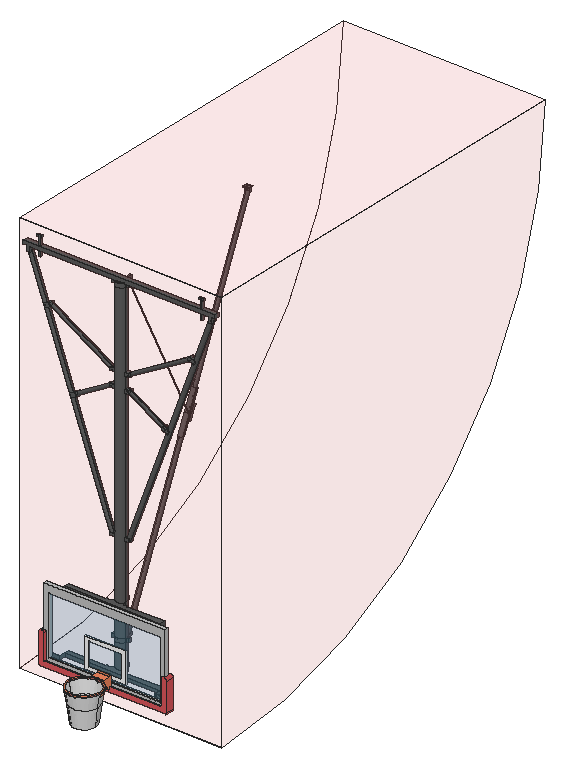
Revit family "Basketball_Backstop-Ceiling_Mount-Backward_Fold-IPIbyBison-IP1345BF-Xtra_Height", category Specialty Equipment, Revit 2026
Family settings
  Round Connector Dimension = Use Diameter
  Part Type = Normal
  Classification Number = 23.40.50.34.14
  Enable Cutting in Views = No
  Always vertical = Yes
  Cut with Voids When Loaded = No
  Maintain Annotation Orientation = No
  Shared = No
  Room Calculation Point = No
Parameters (values of type "Back Fold Rear Braced")
  Unit Weight [instance] = 0
  URL = "https://ipibybison.com/"
  Swing Clearance Visible [instance] = yes
  Specification = "https://www.arcat.com/company/ipi-by-bison-38554/spec"
  Set Frame Below Truss Level [instance] = -0' - 1"
  Rim Color [instance] = Plastic - IPI by Bison - Orange OR
  Product Page URL = "https://www.arcat.com/arcatcos/cos38/arc38554.html"
  Net Color [instance] = Finish - IPI by Bison - White Netting
  Model = "IP1345BF"
  Manufacturer = "IPI by Bison"
  Keynote = "11 66 00"
  Glass [instance] = Glass - IPI by Bison
  Frame Finish [instance] = Finish - IPI by Bison - Black
  Folding Clearance [instance] = ARCAT Clearance
  F_Length of Piping Below Brace Point [instance] = 1' - 6"
  FF to Top of Hoop [instance] = 10' - 0"
  Description = "Back Folding Basketball Frame and Backboard, Ceiling Mount"
  Default Elevation = 0' - 0"
  Copyright = "© 2023 ARCAT"  # constant formula
  CAD Details = "https://www.arcat.com/company/ipi-by-bison-38554/cad"
  Backboard Type = Backboard_BA42XLGlass : Backboard_BA42XLGlass
  Backboard Square Color [instance] = Finish - IPI by Bison - White
  Backboard Padding Color [instance] = Plastic - IPI by Bison - Scarlet SC
  Backboard Frame Color [instance] = Finish - IPI by Bison - Satin Aluminum
  Backboard Distance from Wall [instance] = 7' - 0"
  B_Distance Between Y Frame Supports [instance] = 8' - 0"  # constant formula
  Available Options = "as Specified"
  A_Distance to Brace [instance] = 7' - 10"
Reference planes (in)
  plane 1 "Center (Front/Back)": y = 0
  plane 2: z = 0
  plane 3 "Center (Left/Right)": x = 0
  plane 4: y = -84
  plane 5: z = 120
  plane 6: x = -48
  plane 7: x = 48
Forms (in)
  Revolve 1, solid, material "ARCAT Clearance" <- "Folding Clearance", visible <- "Swing Clearance Visible"
    sketch origin (-24.35865, -84, 48) x (-1, 0, 0) y (0, 0, 1)
      loop
        line (35.64135, 288) -> (-84.35865, 288) -> (-84.35865, 48) -> (35.64135, 48) -> (35.64135, 288)
      axis (35.64135, 288) -> (-84.35865, 288)
    angle from 0 to -90
Dimensions and locks (in)
  "Backboard Distance from Wall": plane 4 to plane 1 "Center (Front/Back)"
  equal spacing: plane 6, plane 3 "Center (Left/Right)", plane 7
  "B_Distance Between Y Frame Supports": plane 6 to plane 7
  "FF to Top of Hoop": plane 5 to level
  locked: Revolve 1 sketch curve to plane 6 at 12
  locked: plane 7 to Revolve 1 sketch curve at 12
  locked: plane 5 to Revolve 1 sketch curve at 24
  aligned and locked: level to plane 2
  aligned and locked: nested 2 to plane 4
  aligned and locked: plane 4 to nested 1
  aligned and locked: Revolve 1 sketch curve to level
  aligned and locked: level to Revolve 1 sketch curve
Automatic sketch dimensions
  Revolve 1 sketch curve to Revolve 1 sketch curve = 2' - 9.42519"
  plane 3 "Center (Left/Right)" to Revolve 1 sketch curve = 0' - 2.42519"
Nested families (in)
  nested 1: "Backboard_BA42XLGlass" at (0, -84, 120) x (-1, 0, 0) z (0, 0, 1), built-in parameter 1001364 <- "FF to Top of Hoop", backboard color <- "Backboard Frame Color", backboard square color <- "Backboard Square Color", frame finish <- "Frame Finish", glass <- "Glass", rim finish <- "Rim Color", net color <- "Net Color", padding color <- "Backboard Padding Color", height offset <- "FF to Top of Hoop", type "Backboard_BA42XLGlass"
    with rim finish Plastic - IPI by Bison - Orange OR, padding color Plastic - IPI by Bison - Scarlet SC, net color Finish - IPI by Bison - White Netting, height offset 10' - 0", glass Glass - IPI by Bison, frame finish Finish - IPI by Bison - Black, backboard square color Finish - IPI by Bison - White, backboard color Finish - IPI by Bison - Satin Aluminum
  nested 2: "Frame_RFRB28" at (0, -84, 335), built-in parameter 1001364 <- "Set Frame Below Truss Level", a <- "A_Distance to Brace", f <- "F_Length of Piping Below Brace Point", frame <- "Frame Finish", type "Frame_RFRB28"
    with frame Finish - IPI by Bison - Black, f 1' - 6", b 8' - 0", a 7' - 10", Hinge Location 9' - 0.08102"
Definition of nested family "Backboard_BA42XLGlass"
  Parameters (values of type "Backboard_BA42XLGlass")
    padding color [instance] = none
    net color [instance] = none
    rim finish [instance] = none
    height offset [instance] = 9' - 6"
    glass [instance] = none
    frame finish [instance] = none
    backboard square color [instance] = none
    backboard color [instance] = none
    Default Elevation = 4' - 0"
  Reference planes (in)
    plane 1 "Center (Front/Back)": y = 0
    plane 2: z = 0
    plane 3 "Center (Left/Right)": x = 0
    plane 4: z = -114
  Forms (in)
    Extrusion 1, solid, material <- "backboard color"
      sketch origin (-8.43545, 11.2937, 28.94441) x (1, 0, 0) y (0, 0, 1)
        loop
          line (-27.56455, 6.99989) -> (-27.56455, -35.00011) -> (44.43545, -35.00011) -> (44.43545, 6.99989) -> (-27.56455, 6.99989)
        loop
          line (41.81045, 2.74989) -> (-24.93955, 2.74989) -> (-24.93955, -32.37511) -> (41.81045, -32.37511) -> (41.81045, 2.74989)
      from 1.125 to -1.125
    Extrusion 2, solid, material <- "padding color"
      sketch origin (-8.43545, 11.2937, 29.06941) x (1, 0, 0) y (0, 0, 1)
        loop
          line (-27.55038, -17.62511) -> (-27.80038, -17.62511)
          arc (-27.80038, -17.62511) -> (-29.03781, -18.13767) -> (-29.55038, -19.37511) r 1.75
          line (-29.55038, -19.37511) -> (-29.55038, -36.12511)
          arc (-29.55038, -36.12511) -> (-29.25748, -36.83222) -> (-28.55038, -37.12511) r 1
          line (-28.55038, -37.12511) -> (45.44962, -37.12511)
          arc (45.44962, -37.12511) -> (46.15673, -36.83222) -> (46.44962, -36.12511) r 1
          line (46.44962, -36.12511) -> (46.44962, -19.37511)
          arc (46.44962, -19.37511) -> (45.93706, -18.13767) -> (44.69962, -17.62511) r 1.75
          line (44.69962, -17.62511) -> (44.42127, -17.62511)
          arc (44.42127, -17.62511) -> (43.71416, -17.918) -> (43.42127, -18.62511) r 1
          line (43.42127, -18.62511) -> (43.42127, -33.98376) -> (-26.55038, -33.98376) -> (-26.55038, -18.62511)
          arc (-26.55038, -18.62511) -> (-26.84327, -17.918) -> (-27.55038, -17.62511) r 1
      from -2.18697 to 2.14819
    Revolve 3, solid, material <- "net color"
      sketch origin (-8.43545, 27.4812, 28.93687) x (1, 0, 0) y (0, 0, 1)
        loop
          circle (-0.85808, -29.24642) r 0.3125
        loop
          line (-1.03195, -29.9762) -> (0.27041, -37.36226) -> (1.80132, -48.25521) -> (2.05377, -48.25521) -> (0.51737, -37.32314) -> (-0.77809, -29.9762) -> (-1.03195, -29.9762)
        axis (8.43545, -48.25521) -> (8.43545, -29.24642)
      angle from 0 to 360
    Revolve 4, solid, material <- "rim finish"
      sketch origin (0.02792, 11.2937, 0) x (0, 1, 0) y (0, 0, 1)
        loop
          line (6.79001, -0.625) -> (6.54001, -0.625) -> (6.54001, -2.125) -> (6.79001, -2.125) -> (6.79001, -0.625)
        axis (16.04001, -2.125) -> (16.04001, -0.625)
      angle from -90 to 90
    Extrusion 5, solid, material <- "rim finish"
      sketch origin (0, 0, 0) x (0, 1, 0) y (0, 0, 1)
        loop
          line (17.69724, 0) -> (12.8212, 0) -> (13.12361, 1.21287) -> (12.79369, 1.29513) -> (12.47078, 0) -> (12.47078, -6.5) -> (13.63137, -6.5) -> (17.69724, -2.43414) -> (17.69724, 0)
      from -3.50075 to 3.49925
    Extrusion 6, solid, material <- "backboard square color"
      sketch origin (0.02792, 11.2937, 0) x (1, 0, 0) y (0, 0, 1)
        loop
          line (-12.02792, 16.0023) -> (-12.02792, -1.9977) -> (11.97208, -1.9977) -> (11.97208, 16.0023) -> (-12.02792, 16.0023)
        loop
          line (-10.02792, 14.0023) -> (-10.02792, 0) -> (9.97208, 0) -> (9.97208, 14.0023) -> (-10.02792, 14.0023)
      from -0.44333 to 0.05679
    Extrusion 7, solid, material <- "glass"
      sketch origin (0.02792, 11.2937, 0) x (1, 0, 0) y (0, 0, 1)
        loop
          line (-33.40292, 31.6943) -> (-33.40292, -3.4307) -> (33.34708, -3.4307) -> (33.34708, 31.6943) -> (-33.40292, 31.6943)
      from -0.405 to 0
    Extrusion 8, solid, material <- "frame finish"
      sketch origin (0, 11.2937, 0) x (1, 0, 0) y (0, 1, 0)
        loop
          line (-28.5, -7.7495) -> (-6, -7.7495) -> (-6, -8.1245) -> (-4.12188, -8.1245) -> (-3.02199, -10.02957)
          arc (-3.02199, -10.02957) -> (-2.89931, -12.81607) -> (-0.66175, -14.4813) r 3.25
          line (-0.66175, -14.4813) -> (-0.66175, -16.28845) -> (0.60591, -16.28845) -> (0.60591, -14.4813)
          arc (0.60591, -14.4813) -> (2.82905, -12.84298) -> (2.98938, -10.08605) r 3.25
          line (2.98938, -10.08605) -> (4.12188, -8.1245) -> (6, -8.1245) -> (6, -7.7495) -> (28.5, -7.7495) -> (28.5, -1.4995) -> (33, -1.4995) -> (33, -1.125) -> (28.25, -1.125) -> (28.25, -4.7495) -> (-28.25, -4.7495) -> (-28.25, -1.125) -> (-33, -1.125) -> (-33, -1.4995) -> (-28.5, -1.4995) -> (-28.5, -7.7495)
      from -3.4307 to -1.5237
    Extrusion 9, solid, material <- "frame finish"
      sketch origin (0, 11.2937, 0) x (1, 0, 0) y (0, 1, 0)
        loop
          line (-28.5, -7.7495) -> (-6, -7.7495) -> (-6, -8.1245) -> (-4.12188, -8.1245) -> (-3.02199, -10.02957)
          arc (-3.02199, -10.02957) -> (-2.89931, -12.81607) -> (-0.66175, -14.4813) r 3.25
          line (-0.66175, -14.4813) -> (-0.66175, -16.28845) -> (0.60591, -16.28845) -> (0.60591, -14.4813)
          arc (0.60591, -14.4813) -> (2.82905, -12.84298) -> (2.98938, -10.08605) r 3.25
          line (2.98938, -10.08605) -> (4.12188, -8.1245) -> (6, -8.1245) -> (6, -7.7495) -> (28.5, -7.7495) -> (28.5, -1.4995) -> (33, -1.4995) -> (33, -1.125) -> (28.25, -1.125) -> (28.25, -4.7495) -> (-28.25, -4.7495) -> (-28.25, -1.125) -> (-33, -1.125) -> (-33, -1.4995) -> (-28.5, -1.4995) -> (-28.5, -7.7495)
      from 31.75979 to 34.1423
  Lines and regions (in)
    model lines
      curve 1: line (-0.00075, 0, 0) -> (-0.00075, 0, -114)
  Dimensions and locks (in)
    "height offset": level to plane 4
    aligned and locked: plane 2 to level
    aligned and locked: plane 4 to curve 1
  Automatic sketch dimensions
    curve 1 to level = 0' - 0"
    curve 1 to plane 3 "Center (Left/Right)" = 0' - 0.00075"
    Extrusion 1 sketch curve to plane 3 "Center (Left/Right)" = 3' - 0"
    Extrusion 1 sketch curve to Extrusion 1 sketch curve = 0' - 2 5/8"  (x2)
    plane 3 "Center (Left/Right)" to Extrusion 1 sketch curve = 2' - 9 3/8"
    Extrusion 1 sketch curve to level = 0' - 6.0557"
    Extrusion 1 sketch curve to level = 0' - 3.4307"
    level to Extrusion 1 sketch curve = 2' - 7.6943"
    Extrusion 1 sketch curve to Extrusion 1 sketch curve = 0' - 4 1/4"
    level to Extrusion 2 sketch curve = 0' - 9.6943"
    Extrusion 2 sketch curve to plane 3 "Center (Left/Right)" = 3' - 1.98582"
    Extrusion 2 sketch curve to Extrusion 2 sketch curve = 0' - 1"  (x4)
    Extrusion 2 sketch curve to Extrusion 2 sketch curve = 0' - 1 3/4"
    Extrusion 2 sketch curve to Extrusion 2 sketch curve = 0' - 0 1/4"
    level to Extrusion 2 sketch curve = 0' - 10.4443"
    plane 3 "Center (Left/Right)" to Extrusion 2 sketch curve = 2' - 10.98582"
    Extrusion 2 sketch curve to Extrusion 2 sketch curve = 0' - 0.27835"
    Extrusion 2 sketch curve to Extrusion 2 sketch curve = 0' - 2.02835"
    Extrusion 2 sketch curve to level = 0' - 4.91435"
    Extrusion 2 sketch curve to Extrusion 2 sketch curve = 0' - 2.14135"
    Revolve 3 sketch curve to plane 3 "Center (Left/Right)" = 0' - 0"
    Revolve 3 sketch curve to plane 3 "Center (Left/Right)" = 0' - 6.38167"
    Revolve 3 sketch curve to Revolve 3 sketch curve = 0' - 0.25246"
    Revolve 3 sketch curve to plane 3 "Center (Left/Right)" = 0' - 7.91808"
    Revolve 3 sketch curve to Revolve 3 sketch curve = 0' - 0.24696"
    Revolve 3 sketch curve to level = 0' - 1.03933"
    Revolve 3 sketch curve to Revolve 3 sketch curve = 0' - 1.0485"
    Revolve 3 sketch curve to level = 0' - 0.30954"
    Revolve 3 sketch curve to Revolve 3 sketch curve = 0' - 0.07999"
    Revolve 3 sketch curve to Revolve 3 sketch curve = 0' - 0.25386"
    Revolve 3 sketch curve to Revolve 3 sketch curve = 0' - 7.34694"
    Revolve 3 sketch curve to Revolve 3 sketch curve = 0' - 0.03911"
    Revolve 3 sketch curve to Revolve 3 sketch curve = 0' - 10.89295"
    Revolve 3 sketch curve to level = 0' - 0.00754"
    level to Revolve 3 sketch curve = 0' - 2.99246"
    Revolve 4 sketch curve to level = 0' - 2 1/8"
    Revolve 4 sketch curve to plane 1 "Center (Front/Back)" = 1' - 5.83371"
    Revolve 4 sketch curve to Revolve 4 sketch curve = 0' - 0 1/4"
    Revolve 4 sketch curve to level = 0' - 0 5/8"  (x2)
    Revolve 4 sketch curve to Revolve 4 sketch curve = 0' - 9 1/4"
    level to Revolve 4 sketch curve = 0' - 3 1/8"
    Extrusion 5 sketch curve to level = 0' - 0"  (x2)
    Extrusion 5 sketch curve to plane 1 "Center (Front/Back)" = 1' - 0.47078"
    level to Extrusion 5 sketch curve = 0' - 1.29513"
    Extrusion 5 sketch curve to Extrusion 5 sketch curve = 0' - 0.32291"
    Extrusion 5 sketch curve to Extrusion 5 sketch curve = 0' - 0.35043"
    Extrusion 5 sketch curve to Extrusion 5 sketch curve = 0' - 1.16059"
    Extrusion 5 sketch curve to Extrusion 5 sketch curve = 0' - 4.57363"
    Extrusion 5 sketch curve to Extrusion 5 sketch curve = 0' - 2.43414"
    Extrusion 5 sketch curve to Extrusion 5 sketch curve = 0' - 6 1/2"
    Extrusion 6 sketch curve to level = 0' - 0"
    Extrusion 6 sketch curve to level = 0' - 1.9977"
    Extrusion 6 sketch curve to plane 3 "Center (Left/Right)" = 1' - 0"
    Extrusion 6 sketch curve to Extrusion 6 sketch curve = 0' - 2"  (x3)
    plane 3 "Center (Left/Right)" to Extrusion 6 sketch curve = 0' - 10"
    Extrusion 6 sketch curve to Extrusion 6 sketch curve = 1' - 2.0023"
    Extrusion 7 sketch curve to plane 3 "Center (Left/Right)" = 2' - 9 3/8"
    Extrusion 7 sketch curve to level = 0' - 3.4307"
    plane 3 "Center (Left/Right)" to Extrusion 7 sketch curve = 2' - 9 3/8"
    level to Extrusion 7 sketch curve = 2' - 7.6943"
    Extrusion 8 sketch curve to Extrusion 8 sketch curve = 0' - 0"  (x3)
    plane 1 "Center (Front/Back)" to Extrusion 8 sketch curve = 0' - 0"
    Extrusion 8 sketch curve to plane 1 "Center (Front/Back)" = 0' - 9.7942"
    Extrusion 8 sketch curve to plane 3 "Center (Left/Right)" = 2' - 9"
    Extrusion 8 sketch curve to plane 1 "Center (Front/Back)" = 0' - 3.5442"
    Extrusion 8 sketch curve to Extrusion 8 sketch curve = 0' - 4 1/2"  (x2)
    Extrusion 8 sketch curve to Extrusion 8 sketch curve = 0' - 0 1/4"  (x2)
    Extrusion 8 sketch curve to plane 3 "Center (Left/Right)" = 0' - 6"
    Extrusion 8 sketch curve to Extrusion 8 sketch curve = 0' - 1.87812"  (x2)
    Extrusion 8 sketch curve to Extrusion 8 sketch curve = 0' - 1.09989"
    Extrusion 8 sketch curve to plane 3 "Center (Left/Right)" = 0' - 0.66175"
    Extrusion 8 sketch curve to plane 3 "Center (Left/Right)" = 0' - 0.02792"
    plane 3 "Center (Left/Right)" to Extrusion 8 sketch curve = 0' - 0.60591"
    Extrusion 8 sketch curve to plane 1 "Center (Front/Back)" = 0' - 1.20765"
    plane 3 "Center (Left/Right)" to Extrusion 8 sketch curve = 0' - 2.98938"
    Extrusion 8 sketch curve to Extrusion 8 sketch curve = 0' - 1.1325"
    Extrusion 8 sketch curve to plane 1 "Center (Front/Back)" = 0' - 10.1687"
    Extrusion 8 sketch curve to Extrusion 8 sketch curve = 1' - 10 1/4"
    Extrusion 8 sketch curve to Extrusion 8 sketch curve = 0' - 1.80715"
    Extrusion 8 sketch curve to Extrusion 8 sketch curve = 0' - 0 3/8"  (x2)
    Extrusion 8 sketch curve to plane 1 "Center (Front/Back)" = 0' - 3.1692"
    Extrusion 8 sketch curve to Extrusion 8 sketch curve = 0' - 3"
    Extrusion 8 sketch curve to Extrusion 8 sketch curve = 0' - 0.3745"  (x2)
    Extrusion 9 sketch curve to Extrusion 9 sketch curve = 0' - 0"  (x3)
    plane 1 "Center (Front/Back)" to Extrusion 9 sketch curve = 0' - 0"
    Extrusion 9 sketch curve to plane 1 "Center (Front/Back)" = 0' - 9.7942"
    Extrusion 9 sketch curve to plane 3 "Center (Left/Right)" = 2' - 9"
    Extrusion 9 sketch curve to plane 1 "Center (Front/Back)" = 0' - 3.5442"  (x2)
    Extrusion 9 sketch curve to Extrusion 9 sketch curve = 0' - 4 1/2"  (x2)
    Extrusion 9 sketch curve to Extrusion 9 sketch curve = 0' - 0 1/4"  (x2)
    Extrusion 9 sketch curve to plane 3 "Center (Left/Right)" = 0' - 6"
    Extrusion 9 sketch curve to Extrusion 9 sketch curve = 0' - 1.87812"  (x2)
    Extrusion 9 sketch curve to Extrusion 9 sketch curve = 0' - 1.09989"
    Extrusion 9 sketch curve to plane 3 "Center (Left/Right)" = 0' - 0.66175"
    Extrusion 9 sketch curve to plane 3 "Center (Left/Right)" = 0' - 0.02792"
    plane 3 "Center (Left/Right)" to Extrusion 9 sketch curve = 0' - 0.60591"
    Extrusion 9 sketch curve to plane 1 "Center (Front/Back)" = 0' - 1.20765"
    plane 3 "Center (Left/Right)" to Extrusion 9 sketch curve = 0' - 2.98938"
    Extrusion 9 sketch curve to Extrusion 9 sketch curve = 0' - 1.1325"
    Extrusion 9 sketch curve to plane 1 "Center (Front/Back)" = 0' - 10.1687"
    Extrusion 9 sketch curve to Extrusion 9 sketch curve = 1' - 10 1/4"
    Extrusion 9 sketch curve to Extrusion 9 sketch curve = 0' - 1.80715"
    Extrusion 9 sketch curve to Extrusion 9 sketch curve = 0' - 0 3/8"
    Extrusion 9 sketch curve to plane 1 "Center (Front/Back)" = 0' - 3.1692"
    Extrusion 9 sketch curve to Extrusion 9 sketch curve = 0' - 3"
    Extrusion 9 sketch curve to Extrusion 9 sketch curve = 0' - 0.3745"  (x2)
    radius of Revolve 3 sketch curve = 0' - 0 5/16"
Definition of nested family "Frame_RFRB28"
  Parameters (values of type "Frame_RFRB28")
    frame [instance] = none
    f [instance] = 1' - 6"
    b [instance] = 8' - 0"  # constant formula
    a [instance] = 7' - 10"
    Hinge Location [instance] = (sqrt((a - 0' 4 191/256") ^ 2 + (16' 4 7/8") ^ 2)) / 2  # 9' - 0.08102"
    Default Elevation = 4' - 0"
  Reference planes (in)
    plane 1 "Center (Front/Back)": y = 0
    plane 2: z = 0
    plane 3 "Center (Left/Right)": x = 0
    plane 4: z = -4.125
    plane 5: x = -48
    plane 6: x = 48
    plane 7: z = -218.99815
    plane 8: y = 94
    plane 9: z = -200.99815
    plane 10: z = -146.99815
    plane 11: y = 4.7442
    plane 12: z = -12.07366
  Forms (in)
    Extrusion 1, solid, material <- "frame"
      sketch origin (0, 0, 0) x (-1, 0, 0) y (0, 0, 1)
        loop
          line (-48.5, -3.57547) -> (-49.1801, -3.57547) -> (-49.1801, -4.57547) -> (-48.5, -4.57547) -> (-48.5, -14.94659) -> (-47.5, -14.94659) -> (-47.5, -4.50272) -> (-46.31181, -4.50272) -> (-46.31181, -3.67379) -> (-47.125, -3.67379) -> (-47.125, -3.45566) -> (-48.5, -3.45566) -> (-48.5, -3.57547)
        loop
          line (47.5, -3.57547) -> (46.8199, -3.57547) -> (46.8199, -4.57547) -> (47.5, -4.57547) -> (47.5, -14.94659) -> (48.5, -14.94659) -> (48.5, -4.50272) -> (49.68819, -4.50272) -> (49.68819, -3.67379) -> (48.875, -3.67379) -> (48.875, -3.45566) -> (47.5, -3.45566) -> (47.5, -3.57547)
      from -0.4375 to 0.4375
    Extrusion 2, solid, material <- "frame"
      sketch origin (0, 0, 0) x (-1, 0, 0) y (0, -1, 0)
        loop
          circle (0, 0) r 3
      from -218.99815 to -10.81466
    Extrusion 3, solid, material <- "frame"
      sketch origin (0, 0, 0) x (-1, 0, 0) y (0, -1, 0)
        loop
          arc (3.12672, 0.62551) -> (0, 3.19656) -> (-3.12672, 0.62551) r 3.18676
          line (-3.12672, 0.62551) -> (-5.03472, 0.62551) -> (-5.03472, -0.60749) -> (-3.12716, -0.60749)
          arc (-3.12716, -0.60749) -> (-2.22195, -2.27562) -> (-0.529, -3.1335) r 3.1875
          line (-0.529, -3.1335) -> (-0.529, -7.17993) -> (0.529, -7.17993) -> (0.529, -3.1335)
          arc (0.529, -3.1335) -> (2.22195, -2.27562) -> (3.12716, -0.60749) r 3.1875
          line (3.12716, -0.60749) -> (5.03472, -0.60749) -> (5.03472, 0.62551) -> (3.12672, 0.62551)
      from -13.07366 to -11.07366
    Sweep 4, solid, material <- "frame"
      path origin (0, 0, 0) x (0, -1, 0) y (0, 0, 1)
        loop
          line (-4.7442, -200.99815) -> (-94, -4.125)
      profile origin (0, 49.3721, -102.56158) x (0, 0.91077, -0.412913) y (-1, 0, 0)
        loop
          circle (0, 0) r 1.1875
    Extrusion 5, solid, material <- "frame"
      sketch origin (0, -23.21476, -200.99815) x (0, -1, 0) y (1, 0, 0)
        loop
          line (-22.60885, 5.03472) -> (-23.82067, 5.03472) -> (-23.82067, 3.12072)
          arc (-23.82067, 3.12072) -> (-25.10199, 2.55821) -> (-26.01762, 1.5) r 3.179
          line (-26.01762, 1.5) -> (-29.32067, 1.5) -> (-29.32067, -1.5) -> (-26.01762, -1.5)
          arc (-26.01762, -1.5) -> (-25.10199, -2.55821) -> (-23.82067, -3.12072) r 3.179
          line (-23.82067, -3.12072) -> (-23.82067, -5.03472) -> (-22.60885, -5.03472) -> (-22.60885, -3.12072)
          arc (-22.60885, -3.12072) -> (-20.03576, 0) -> (-22.60885, 3.12072) r 3.179
          line (-22.60885, 3.12072) -> (-22.60885, 5.03472)
      from 1 to -1
    Extrusion 6, solid, material <- "frame"
      sketch origin (0, 0, -1.125) x (0, -1, 0) y (0, 0, 1)
        loop
          line (-94.625, -0.80732) -> (-94.625, -3.80732) -> (-93.375, -3.80732) -> (-93.375, -0.80732) -> (-94.625, -0.80732)
      from -1.5 to 1.5
    Extrusion 7, solid, material <- "frame"
      sketch origin (0, 0, -1.125) x (0, -1, 0) y (0, 0, 1)
        loop
          line (-95.5, -0.80732) -> (-95.5, -1.05732) -> (-92.5, -1.05732) -> (-92.5, -0.80732) -> (-95.5, -0.80732)
      from -1.5 to 1.5
    Extrusion 8, solid, material <- "frame"
      sketch origin (0, -0.03, 0) x (1, 0, 0) y (0, 0, 1)
        loop
          line (-57, -8.85715) -> (-57, -10.85715) -> (-55, -10.85715) -> (-55, -14.10715) -> (-53, -14.10715) -> (-53, -10.85715) -> (53, -10.85715) -> (53, -14.10715) -> (55, -14.10715) -> (55, -10.85715) -> (57, -10.85715) -> (57, -8.85715) -> (-57, -8.85715)
      from -1.53 to 1.47
    Sweep 9, solid, material <- "frame"
      path origin (0, -0.03, 0) x (-1, 0, 0) y (0, 0, 1)
        loop
          line (-54.25831, -12.58204) -> (-4.68934, -147.70227)
      profile origin (29.47382, -0.03, -80.14215) x (0.93882, 0, -0.344407) y (0, -1, 0)
        loop
          circle (0, 0) r 1.2175
    Extrusion 10, solid, material <- "frame"
      sketch origin (0, -0.03, 0) x (1, 0, 0) y (0, 0, 1)
        loop
          line (-44.88847, -38.1233) -> (-44.19966, -40.00094) -> (-40.5513, -38.66254) -> (-41.24011, -36.7849) -> (-44.88847, -38.1233)
        loop
          line (-29.35533, -80.46516) -> (-28.66652, -82.3428) -> (-25.14594, -81.05127) -> (-25.83475, -79.17363) -> (-29.35533, -80.46516)
        loop
          line (-2.78107, -58.17015) -> (-5.78107, -58.17015) -> (-5.78107, -60.17015) -> (-2.78107, -60.17015) -> (-2.78107, -58.17015)
        loop
          line (-2.78107, -67.17015) -> (-5.78107, -67.17015) -> (-5.78107, -69.17015) -> (-2.78107, -69.17015) -> (-2.78107, -67.17015)
        loop
          line (44.88847, -38.1233) -> (41.24011, -36.7849) -> (40.5513, -38.66254) -> (44.19966, -40.00094) -> (44.88847, -38.1233)
        loop
          line (29.35533, -80.46516) -> (25.83475, -79.17363) -> (25.14594, -81.05127) -> (28.66652, -82.3428) -> (29.35533, -80.46516)
        loop
          line (2.78107, -58.17015) -> (2.78107, -60.17015) -> (5.78107, -60.17015) -> (5.78107, -58.17015) -> (2.78107, -58.17015)
        loop
          line (2.78107, -67.17015) -> (2.78107, -69.17015) -> (5.78107, -69.17015) -> (5.78107, -67.17015) -> (2.78107, -67.17015)
        loop
          line (-2.69765, -147.99815) -> (-2.69765, -145.99815) -> (-5.69765, -145.99815) -> (-5.69765, -147.99815) -> (-2.69765, -147.99815)
        loop
          line (2.69765, -147.99815) -> (5.69765, -147.99815) -> (5.69765, -145.99815) -> (2.69765, -145.99815) -> (2.69765, -147.99815)
      from -1.42904 to 1.345
    Sweep 11, solid, material <- "frame"
      path origin (0, -0.03, 0) x (1, 0, 0) y (0, 0, 1)
        loop
          line (-42.36358, -37.61622) -> (-4.38156, -59.54515)
      profile origin (-23.37257, -0.03, -48.58069) x (0.5, 0, 0.866025) y (0, -1, 0)
        loop
          circle (0, 0) r 1
    Sweep 12, solid, material <- "frame"
      path origin (0, -0.03, 0) x (-1, 0, 0) y (0, 0, 1)
        loop
          line (-42.36358, -37.61622) -> (-4.38156, -59.54515)
      profile origin (23.37257, -0.03, -48.58069) x (0.5, 0, -0.866025) y (0, -1, 0)
        loop
          circle (0, 0) r 1
    Sweep 13, solid, material <- "frame"
      path origin (0, -0.03, 60) x (1, 0, 0) y (0, 0, 1)
        loop
          line (-26.81592, -140.66699) -> (-4.38156, -127.7145)
      profile origin (-15.59874, -0.03, -74.19074) x (-0.5, 0, 0.866025) y (0, -1, 0)
        loop
          circle (0, 0) r 1
    Sweep 14, solid, material <- "frame"
      path origin (0, -0.03, 60) x (-1, 0, 0) y (0, 0, 1)
        loop
          line (-26.81592, -140.66699) -> (-4.38156, -127.7145)
      profile origin (15.59874, -0.03, -74.19074) x (-0.5, 0, -0.866025) y (0, -1, 0)
        loop
          circle (0, 0) r 1
    Sweep 15, solid, material <- "frame"
      path origin (0, -0.03, 0) x (1, 0, 0) y (0, 0, 1)
        loop
          line (-54.25831, -12.58204) -> (-4.68934, -147.70227)
      profile origin (-29.47382, -0.03, -80.14215) x (0.93882, 0, 0.344407) y (0, -1, 0)
        loop
          circle (0, 0) r 1.2175
    Sweep 16, solid, material <- "frame"
      path in 3D
        loop
          line (0, 49.37192, -102.56199) -> (0, 4.7442, -12.07366)
      profile origin (0, 27.05806, -57.31782) x (0, -0.896858, -0.442319) y (1, 0, 0)
        loop
          circle (0, 0) r 0.0625
  Lines and regions (in)
    reference lines
      curve 1: line (0, 94, -4.125) -> (0, 4.7442, -200.99815)
      curve 2: line (0, 49.37192, -102.56199) -> (0, 46.6396, -101.32325)
      curve 3: line (0, 49.37192, -102.56199) -> (0, 4.7442, -12.07366)
    sketch lines
      curve 4: line (0, 49.37192, -102.56199) -> (0, 4.7442, -12.07366)
  Dimensions and locks (in)
    equal spacing: plane 5, plane 3 "Center (Left/Right)", plane 6
    "b": plane 5 to plane 6
    locked: level to plane 4 at 4.125
    Extrusion 1 sketch curve to Extrusion 1 sketch curve to Extrusion 1 sketch curve to plane 5 to Extrusion 1 sketch curve to Extrusion 1 sketch curve to Extrusion 1 sketch curve = 0' - 0.81319" locked, 0' - 0 3/8" locked, 0' - 0 1/2" locked, 0' - 0 1/2" locked, 0' - 0" locked, 0' - 0.6801" locked
    Extrusion 1 sketch curve to Extrusion 1 sketch curve to Extrusion 1 sketch curve to plane 6 to Extrusion 1 sketch curve to Extrusion 1 sketch curve to Extrusion 1 sketch curve = 0' - 0.81319" locked, 0' - 0 3/8" locked, 0' - 0 1/2" locked, 0' - 0 1/2" locked, 0' - 0" locked, 0' - 0.6801" locked
    "a": plane 1 "Center (Front/Back)" to plane 8
    Extrusion 7 sketch curve to plane 8 to Extrusion 7 sketch curve = 0' - 1 1/2" locked, 0' - 1 1/2" locked
    Extrusion 6 sketch curve to plane 8 to Extrusion 6 sketch curve = 0' - 0 5/8" locked, 0' - 0 5/8" locked
    Extrusion 10 sketch curve to Extrusion 10 sketch curve = 0' - 2"  (x2)
    locked: level to Sweep 9 sketch curve at 147.70227
    locked: Sweep 9 sketch curve to plane 3 "Center (Left/Right)" at 4.68934
    locked: level to Sweep 15 sketch curve at 147.70227
    locked: plane 3 "Center (Left/Right)" to Sweep 15 sketch curve at 4.68934
    locked: level to Extrusion 10 sketch curve at 145.99815  (x2)
    locked: level to plane 10 at 146.99815
    locked: plane 9 to plane 10 at 54
    "f": plane 9 to plane 7
    plane 11 to plane 1 "Center (Front/Back)" = 0' - 4.7442"
    "Hinge Location": curve 2 to curve 1
    locked: plane 4 to plane 12 at 7.94866
    locked: curve 2 to curve 1 (angle 90.00°)
    aligned and locked: plane 2 to level
    aligned and locked: plane 7 to Extrusion 2
    aligned and locked: plane 11 to curve 1
    aligned and locked: plane 9 to curve 1
    aligned and locked: plane 8 to curve 1
    aligned and locked: plane 4 to curve 1
    aligned and locked: plane 8 to Sweep 4 sketch curve
    aligned and locked: plane 4 to Sweep 4 sketch curve
    aligned and locked: plane 11 to Sweep 4 sketch curve
    aligned and locked: plane 9 to Sweep 4 sketch curve
    aligned and locked: plane 11 to curve 3
    aligned and locked: plane 12 to curve 3
  Automatic sketch dimensions
    plane 4 to Extrusion 1 sketch curve = 0' - 0.54953"  (x2)
    Extrusion 1 sketch curve to plane 4 = 0' - 0.37772"  (x2)
    Extrusion 1 sketch curve to plane 4 = 0' - 0.45047"  (x2)
    Extrusion 1 sketch curve to Extrusion 1 sketch curve = 0' - 10.37112"  (x2)
    plane 4 to Extrusion 1 sketch curve = 0' - 0.45121"  (x2)
    Extrusion 1 sketch curve to Extrusion 1 sketch curve = 0' - 0.21814"  (x2)
    plane 1 "Center (Front/Back)" to Extrusion 2 sketch curve = 0' - 0"
    Extrusion 2 sketch curve to plane 3 "Center (Left/Right)" = 0' - 0"
    profile plane to Sweep 4 sketch curve = 0' - 0"
    Sweep 4 sketch curve to profile plane = 0' - 0"
    Extrusion 6 sketch curve to plane 4 = 0' - 0.80732"
    Extrusion 6 sketch curve to level = 0' - 1.93232"
    plane 4 to Extrusion 7 sketch curve = 0' - 1.94268"
    Extrusion 7 sketch curve to Extrusion 7 sketch curve = 0' - 0 1/4"
    plane 5 to Extrusion 8 sketch curve = 0' - 9"
    Extrusion 8 sketch curve to Extrusion 8 sketch curve = 0' - 2"  (x5)
    Extrusion 8 sketch curve to plane 6 = 0' - 5"
    Extrusion 8 sketch curve to plane 4 = 0' - 9.98215"  (x2)
    Extrusion 8 sketch curve to Extrusion 8 sketch curve = 0' - 3 1/4"  (x2)
    Extrusion 8 sketch curve to Extrusion 8 sketch curve = 0' - 0"
    plane 6 to Sweep 9 sketch curve = 0' - 6.25831"
    plane 4 to Sweep 9 sketch curve = 0' - 8 117/256"
    Sweep 9 sketch curve to profile plane = 0' - 0"  (x2)
    Extrusion 10 sketch curve to plane 5 = 0' - 3.11153"
    Extrusion 10 sketch curve to Extrusion 10 sketch curve = 0' - 0.68881"  (x4)
    Extrusion 10 sketch curve to Extrusion 10 sketch curve = 0' - 3.64836"
    Extrusion 10 sketch curve to plane 5 = 1' - 6.64467"
    Extrusion 10 sketch curve to Extrusion 10 sketch curve = 0' - 3.52058"  (x2)
    Extrusion 10 sketch curve to plane 3 "Center (Left/Right)" = 0' - 5.78107"  (x2)
    Extrusion 10 sketch curve to plane 3 "Center (Left/Right)" = 0' - 5.69765"
    Extrusion 10 sketch curve to plane 3 "Center (Left/Right)" = 0' - 2.78107"  (x2)
    Extrusion 10 sketch curve to plane 3 "Center (Left/Right)" = 0' - 2.69765"
    plane 3 "Center (Left/Right)" to Extrusion 10 sketch curve = 0' - 2.69765"
    plane 3 "Center (Left/Right)" to Extrusion 10 sketch curve = 0' - 2.78107"  (x2)
    Extrusion 10 sketch curve to Extrusion 10 sketch curve = 0' - 3"  (x3)
    Extrusion 10 sketch curve to Extrusion 10 sketch curve = 1' - 7.36487"
    plane 6 to Extrusion 10 sketch curve = 0' - 7.4487"
    plane 6 to Extrusion 10 sketch curve = 0' - 3.80034"
    Extrusion 10 sketch curve to Extrusion 10 sketch curve = 5' - 3.65535"
    Extrusion 10 sketch curve to Extrusion 10 sketch curve = 0' - 0"  (x3)
    Extrusion 10 sketch curve to Extrusion 10 sketch curve = 0' - 1.29153"  (x2)
    Extrusion 10 sketch curve to Extrusion 10 sketch curve = 0' - 10.00348"
    Extrusion 10 sketch curve to Extrusion 10 sketch curve = 0' - 2"  (x4)
    Extrusion 10 sketch curve to Extrusion 10 sketch curve = 0' - 7"
    Extrusion 10 sketch curve to level = 3' - 4.00094"  (x2)
    Extrusion 10 sketch curve to Extrusion 10 sketch curve = 0' - 1.3384"  (x2)
    Sweep 11 sketch curve to plane 5 = 0' - 5.63642"
    Sweep 11 sketch curve to plane 3 "Center (Left/Right)" = 0' - 4.38156"
    Sweep 11 sketch curve to plane 4 = 4' - 7.42015"
    Sweep 11 sketch curve to plane 4 = 2' - 9.49122"
    Sweep 11 sketch curve to profile plane = 0' - 0"  (x2)
    Sweep 12 sketch curve to plane 6 = 0' - 5.63642"
    Sweep 12 sketch curve to plane 3 "Center (Left/Right)" = 0' - 4.38156"
    plane 4 to Sweep 12 sketch curve = 4' - 7.42015"
    plane 4 to Sweep 12 sketch curve = 2' - 9.49122"
    Sweep 12 sketch curve to profile plane = 0' - 0"  (x2)
    Sweep 13 sketch curve to plane 5 = 1' - 9.18408"
    Sweep 13 sketch curve to plane 3 "Center (Left/Right)" = 0' - 4.38156"
    Sweep 13 sketch curve to Sweep 13 sketch curve = 1' - 0.95249"
    Sweep 13 sketch curve to profile plane = 0' - 0"
    profile plane to Sweep 13 sketch curve = 0' - 0"
    Sweep 14 sketch curve to plane 6 = 1' - 9.18408"
    Sweep 14 sketch curve to plane 3 "Center (Left/Right)" = 0' - 4.38156"
    Sweep 14 sketch curve to Sweep 14 sketch curve = 1' - 0.95249"
    Sweep 14 sketch curve to profile plane = 0' - 0"
    profile plane to Sweep 14 sketch curve = 0' - 0"
    plane 5 to Sweep 15 sketch curve = 0' - 6.25831"
    Sweep 15 sketch curve to plane 4 = 0' - 8 117/256"
    Sweep 15 sketch curve to profile plane = 0' - 0"  (x2)
    Sweep 13 sketch curve to plane 4 = 6' - 4.54199"
    plane 4 to Sweep 14 sketch curve = 6' - 4.54199"
    Extrusion 5 sketch curve to Extrusion 5 sketch curve = 0' - 0"  (x8)
    plane 1 "Center (Front/Back)" to Extrusion 5 sketch curve = 0' - 0"
    Extrusion 5 sketch curve to plane 3 "Center (Left/Right)" = 0' - 0"
    Extrusion 5 sketch curve to plane 1 "Center (Front/Back)" = 0' - 0.60591"  (x2)
    Extrusion 5 sketch curve to Extrusion 5 sketch curve = 0' - 2.19695"  (x2)
    plane 3 "Center (Left/Right)" to Extrusion 5 sketch curve = 0' - 1 1/2"
    Extrusion 5 sketch curve to Extrusion 5 sketch curve = 0' - 3.30305"
    plane 1 "Center (Front/Back)" to Extrusion 5 sketch curve = 0' - 0.60591"  (x2)
    Extrusion 5 sketch curve to plane 3 "Center (Left/Right)" = 0' - 1 1/2"
    Extrusion 5 sketch curve to Extrusion 5 sketch curve = 0' - 1.914"  (x2)
    Extrusion 3 sketch curve to Extrusion 3 sketch curve = 0' - 0"  (x6)
    Extrusion 3 sketch curve to plane 3 "Center (Left/Right)" = 0' - 0"
    plane 3 "Center (Left/Right)" to Extrusion 3 sketch curve = 0' - 0.529"
    plane 1 "Center (Front/Back)" to Extrusion 3 sketch curve = 0' - 0.62551"  (x2)
    plane 3 "Center (Left/Right)" to Extrusion 3 sketch curve = 0' - 3.12672"
    Extrusion 3 sketch curve to plane 1 "Center (Front/Back)" = 0' - 0.60749"  (x2)
    Extrusion 3 sketch curve to Extrusion 3 sketch curve = 0' - 0.00044"  (x2)
    Extrusion 3 sketch curve to Extrusion 3 sketch curve = 0' - 1.90801"
    Extrusion 3 sketch curve to plane 3 "Center (Left/Right)" = 0' - 0.529"
    Extrusion 3 sketch curve to Extrusion 3 sketch curve = 0' - 1.90757"
    Extrusion 3 sketch curve to plane 11 = 0' - 1.6107"
    plane 11 to Extrusion 3 sketch curve = 0' - 2.43573"
    Sweep 16 sketch curve to profile plane = 0' - 0"  (x2)
    radius of Extrusion 2 sketch curve = 0' - 3"
    radius of Sweep 4 sketch curve = 0' - 1 3/16"
    radius of Sweep 9 sketch curve = 0' - 1.2175"
    radius of Sweep 11 sketch curve = 0' - 1"
    radius of Sweep 12 sketch curve = 0' - 1"
    radius of Sweep 13 sketch curve = 0' - 1"
    radius of Sweep 14 sketch curve = 0' - 1"
    radius of Sweep 15 sketch curve = 0' - 1.2175"
    radius of Sweep 16 sketch curve = 0' - 0 1/16"
  Nested families (in)
    nested 1: "Brace Hinge" at (0, 49.37192, -102.56199) x (0, -0.4129, -0.9108) z (0, 0.9108, -0.4129), Material <- "frame", type "Brace Hinge"
      with Material none
  Definition of nested family "Brace Hinge"
    Parameters (values of type "Brace Hinge")
      Material [instance] = none
      Default Elevation = 4' - 0"
    Reference planes (in)
      plane 1 "Center (Front/Back)": y = 0
      plane 2: z = 0
      plane 3 "Center (Left/Right)": x = 0
    Forms (in)
      Extrusion 1, solid, material <- "Material"
        sketch origin (0, 0, 0) x (0, 1, 0) y (0, 0, 1)
          loop
            circle (0, 0) r 1.4375
        from -12 to 12
      Extrusion 2, solid, material <- "Material"
        sketch origin (0, 0, 0) x (1, 0, 0) y (0, 0, 1)
          loop
            line (4.25, 0) -> (4.25, 3.4375) -> (-4.25, 3.4375) -> (-4.25, 0) -> (4.25, 0)
        from -0.625 to 0.625
      Extrusion 3, void
        sketch origin (0, 0, 0) x (1, 0, 0) y (0, 0, 1)
          loop
            line (0.01563, -1.4375) -> (0.01563, 3.4375) -> (-0.01563, 3.4375) -> (-0.01563, -1.4375) -> (0.01563, -1.4375)
        from -3 to 3
    Cuts and joins
      Extrusion 3 cuts Extrusion 1
      Extrusion 3 cuts Extrusion 2
      joined: Extrusion 1, Extrusion 2
    Dimensions and locks (in)
      aligned and locked: level to plane 2
      aligned and locked: plane 2 to Extrusion 2 sketch curve
